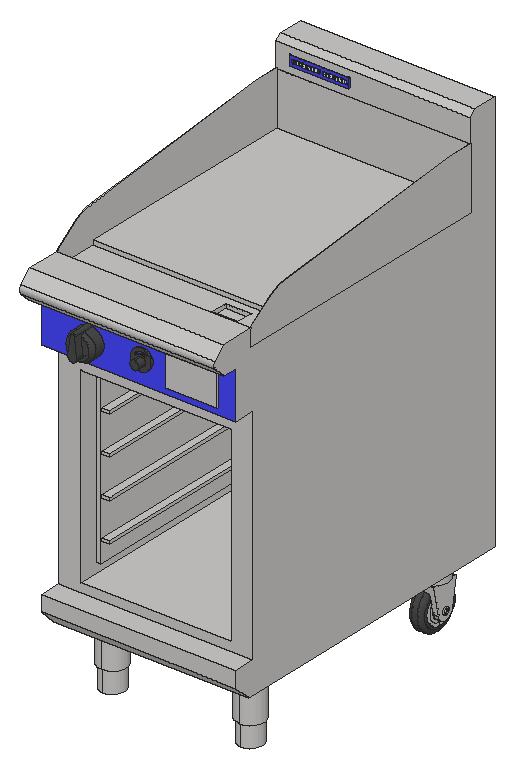
Revit family "QF_MOFFAT_BLUESEAL_CE_GP513-CB", category Specialty Equipment, Revit 2012
Parameters
  Weight in Pounds = 198  # constant formula
  Width [instance] = 450.00 mm
  URL Cutsheet = "www.moffat.com"
  URL = "www.moffat.com"
  Type Mark [instance] = ""
  Status [instance] = ""
  Specification by User [instance] = ""
  Specification by Manufacturer = ""
  Show Logo [instance] = yes
  Show Casters [instance] = yes
  Serial Number = ""
  Seismic Rating = ""
  SMACNA No = ""
  Revision Code [instance] = ""
  Omniclass Number and Title = ""
  NAFEM Spec ID Number = ""
  Model = "GP513-CB"
  Mechanical Remarks = ""
  Mechanical Connection Type = ""
  Masterspec = ""
  Manufacturer = "MOFFAT BLUESEAL"
  Legs [instance] = not(Show Casters)  # no
  Item Number [instance] = ""
  Installed By [instance] = ""
  Identify Quantity as Lot [instance] = yes
  Height = 1085.00 mm  # constant formula
  Gas Size = 3/4"
  Gas RI Height [instance] = 0.00 mm
  Gas KW = 11.5
  Gas Input = 39250.0 Btu/h
  Gas Connection Height = 0.00 mm
  Furnished By [instance] = ""
  Foodservice Equipment Identifier [instance] = yes
  Description = "450MM GAS GRIDDLE PLATE ON CABINET BASE"
  Depth [instance] = 812.00 mm  # constant formula
  CSI MasterFormat = ""
  CSI Master Format = ""
  Back Splash [instance] = 215.00 mm  # constant formula
Reference planes
  plane 1 "BACK": y = 0
  plane 2: z = 0
  plane 3 "LEFT": x = 0
  plane 4 "RIGHT": x = 450
  plane 5 "FRONT": y = -812
  plane 6 "TOP": z = 970
  plane 7 "Center Y": x = 225
  plane 8 "Center X": y = -406
  plane 9 "Base Height": z = 150
  plane 10: z = 915
  plane 11: x = 65
  plane 12: y = -625
  plane 13: y = -100
  plane 14: z = 655
  plane 15: y = -32
  plane 16: z = 1085
  plane 17: x = 385
Forms (mm)
  Extrusion 1, solid, material "QF_Finishes_Stainless Steel"
    sketch origin (0, 0, 0) x (0, 1, 0) y (0, 0, 1)
      loop
        line (-100, 150) -> (0, 150) -> (0, 1085) -> (-57.5, 1085) -> (-70, 1072.5) -> (-70, 875) -> (-705, 875) -> (-705, 915) -> (-783.97, 915) -> (-808.485, 890.485)
        arc (-808.485, 890.485) -> (-811.999, 882) -> (-808.485, 873.515) r 12
        line (-808.485, 873.515) -> (-784.97, 850) -> (-749, 850) -> (-749, 740) -> (-100, 740) -> (-100, 150)
      loop
        line (-749, 186) -> (-713, 150) -> (-699, 150) -> (-699, 222.5) -> (-749, 222.5) -> (-749, 186)
    from 0 to 450
  Revolve 2, solid, material "QF_Finishes_Stainless Steel", visible <- "Legs"
    sketch origin (383.871, -210, 0) x (0, 1, 0) y (0, 0, -1)
      loop
        line (78.25, -150) -> (110, -150) -> (110, 0) -> (82.5, 0) -> (82.5, -50) -> (78.25, -50) -> (78.25, -150)
      axis (110, -150) -> (110, 0)
    angle from 0 to 360
  Revolve 3, solid, material "QF_Finishes_Stainless Steel"
    sketch origin (385, -735, 0) x (0, 1, 0) y (0, 0, -1)
      loop
        line (78.25, -150) -> (110, -150) -> (110, 0) -> (82.5, 0) -> (82.5, -50) -> (78.25, -50) -> (78.25, -150)
      axis (110, -150) -> (110, 0)
    angle from 0 to 360
  Revolve 4, solid, material "QF_Finishes_Stainless Steel", visible <- "Legs"
    sketch origin (65, -210, 0) x (0, 1, 0) y (0, 0, -1)
      loop
        line (78.25, -150) -> (110, -150) -> (110, 0) -> (82.5, 0) -> (82.5, -50) -> (78.25, -50) -> (78.25, -150)
      axis (110, -150) -> (110, 0)
    angle from 0 to 360
  Revolve 5, solid, material "QF_Finishes_Stainless Steel"
    sketch origin (65, -735, 0) x (0, 1, 0) y (0, 0, -1)
      loop
        line (78.25, -150) -> (110, -150) -> (110, 0) -> (82.5, 0) -> (82.5, -50) -> (78.25, -50) -> (78.25, -150)
      axis (110, -150) -> (110, 0)
    angle from 0 to 360
  Revolve 6, solid, material "QF_Finishes_Black"
    sketch origin (118.927, 7, 597.816) x (0, 1, 0) y (0, 0, -1)
      loop
        line (-789, -229.5) -> (-766, -229.5) -> (-766, -202) -> (-756, -202) -> (-756, -197) -> (-800, -197) -> (-800, -223.651) -> (-789, -229.5)
      axis (-800, -197) -> (-756, -197)
    angle from 0 to 360
  Extrusion 7, solid, material "QF_Finishes_Black"
    sketch origin (257.197, 0, 597.973) x (-1, 0, 0) y (0, 0, -1)
      loop
        line (143.2, -228.94) -> (148.689, -184.854)
        arc (148.689, -184.854) -> (137.617, -174.355) -> (127.782, -186.021) r 10.487
        line (127.782, -186.021) -> (133.203, -228.94)
        arc (133.203, -228.94) -> (138.201, -233.827) -> (143.2, -228.94) r 5
    from 759 to 808
  Extrusion 8, solid, material "QF_Finishes_Stainless Steel"
    sketch origin (-150, -699, 685) x (1, 0, 0) y (0, -1, 0)
      loop
        circle (470, -668) r 9.525
    from -55 to 30
  Extrusion 9, solid, material "QF_Finishes_Stainless Steel"
    sketch origin (0, -100, 685) x (0, 0, 1) y (-1, 0, 0)
      loop
        line (-535, 0) -> (-535, -450) -> (55, -450) -> (55, 0) -> (-535, 0)
      loop
        line (0, -50) -> (-442.5, -50) -> (-442.5, -400) -> (0, -400) -> (0, -50)
    from 0 to 599
  Extrusion 10, solid, material "QF_Finishes_Stainless Steel"
    sketch origin (0, -100, 685) x (0, 0, 1) y (-1, 0, 0)
      loop
        line (-280.675, -61.8) -> (-280.675, -80.8) -> (-274.325, -80.8) -> (-274.325, -61.8) -> (-280.675, -61.8)
      loop
        line (-184.325, -80.8) -> (-184.325, -61.8) -> (-190.675, -61.8) -> (-190.675, -80.8) -> (-184.325, -80.8)
      loop
        line (-370.675, -61.8) -> (-370.675, -80.8) -> (-364.325, -80.8) -> (-364.325, -61.8) -> (-370.675, -61.8)
      loop
        line (-94.325, -80.8) -> (-94.325, -61.8) -> (-100.675, -61.8) -> (-100.675, -80.8) -> (-94.325, -80.8)
      loop
        line (-280.675, -388.2) -> (-274.325, -388.2) -> (-274.325, -369.2) -> (-280.675, -369.2) -> (-280.675, -388.2)
      loop
        line (-184.325, -369.2) -> (-190.675, -369.2) -> (-190.675, -388.2) -> (-184.325, -388.2) -> (-184.325, -369.2)
      loop
        line (-370.675, -388.2) -> (-364.325, -388.2) -> (-364.325, -369.2) -> (-370.675, -369.2) -> (-370.675, -388.2)
      loop
        line (-94.325, -369.2) -> (-100.675, -369.2) -> (-100.675, -388.2) -> (-94.325, -388.2) -> (-94.325, -369.2)
    from 0 to 554
  Extrusion 11, void
    sketch origin (-150, 0, 150) x (-1, 0, 0) y (0, -1, 0)
      loop
        line (-535.614, 87.26) -> (-535.614, -30.24) -> (-406.114, -30.24) -> (-406.114, 38.76) -> (-454.614, 87.26) -> (-535.614, 87.26)
    from 72.5 to 590
  Revolve 12, solid, material "QF_Finishes_Stainless Steel", visible <- "Legs"
    sketch origin (65, -165, 0) x (0, 1, 0) y (0, 0, 1)
      loop
        line (34.25, 150) -> (34.25, 50) -> (38.5, 50) -> (38.5, 0) -> (66, 0) -> (66, 150) -> (34.25, 150)
      axis (66, 150) -> (66, 0)
    angle from 0 to 360
  Revolve 13, solid, material "QF_Finishes_Stainless Steel", visible <- "Legs"
    sketch origin (384.871, -165, 0) x (0, 1, 0) y (0, 0, -1)
      loop
        line (34.25, -150) -> (66, -150) -> (66, 0) -> (38.5, 0) -> (38.5, -50) -> (34.25, -50) -> (34.25, -150)
      axis (66, -150) -> (66, 0)
    angle from 0 to 360
  Revolve 14, solid, material "QF_Finishes_Stainless Steel", visible <- "Show Casters"
    sketch origin (15.776, -99.755, -13.653) x (1, 0, 0) y (0, 0, 1)
      loop
        line (14.841, 63.604) -> (83.584, 63.604) -> (83.584, 67.109) -> (82.314, 68.379) -> (80.79, 68.379) -> (80.79, 71.826) -> (68.644, 71.826) -> (68.644, 81.79) -> (65.088, 83.843) -> (63.738, 92.179) -> (65.881, 92.179) -> (65.881, 98.529) -> (65.088, 98.529) -> (65.088, 104.879)
        arc (65.088, 104.879) -> (62.298, 111.614) -> (55.563, 114.404) r 9.525
        line (55.563, 114.404) -> (42.863, 114.404)
        arc (42.863, 114.404) -> (36.127, 111.614) -> (33.338, 104.879) r 9.525
        line (33.338, 104.879) -> (33.338, 98.529) -> (32.544, 98.529) -> (32.544, 92.179) -> (34.687, 92.179) -> (33.352, 83.932) -> (29.782, 81.871) -> (29.782, 71.826) -> (17.635, 71.826) -> (17.635, 68.379) -> (16.111, 68.379) -> (14.841, 67.109) -> (14.841, 63.604)
      axis (14.841, 63.604) -> (83.584, 63.604)
    angle from 0 to 360
  Extrusion 15, solid, material "QF_Finishes_Stainless Steel", visible <- "Show Casters"
    sketch origin (71.501, 133.353, -8.783) x (0, 1, 0) y (0, 0, 1)
      loop
        line (-200.603, 118.783) -> (-264.103, 118.783) -> (-251.746, 53.895)
        arc (-251.746, 53.895) -> (-232.353, 38.783) -> (-212.959, 53.895) r 20
        line (-212.959, 53.895) -> (-200.603, 118.783)
    from -35.667 to 22.923
  Revolve 16, solid, material "QF_Finishes_Stainless Steel", visible <- "Show Casters"
    sketch origin (65, -203, 0) x (0, 1, 0) y (0, 0, 1)
      loop
        line (68.25, 150) -> (68.25, 110) -> (104, 110) -> (104, 150) -> (68.25, 150)
      axis (104, 150) -> (104, 110)
    angle from 0 to 360
  Revolve 17, solid, material "QF_Finishes_Stainless Steel", visible <- "Legs"
    sketch origin (65, -165, 0) x (0, 1, 0) y (0, 0, 1)
      loop
        line (34.25, 150) -> (34.25, 50) -> (38.5, 50) -> (38.5, 0) -> (66, 0) -> (66, 150) -> (34.25, 150)
      axis (66, 150) -> (66, 0)
    angle from 0 to 360
  Revolve 18, solid, material "QF_Finishes_Stainless Steel", visible <- "Show Casters"
    sketch origin (335.648, -99.755, -13.653) x (1, 0, 0) y (0, 0, 1)
      loop
        line (14.841, 63.604) -> (83.584, 63.604) -> (83.584, 67.109) -> (82.314, 68.379) -> (80.79, 68.379) -> (80.79, 71.826) -> (68.644, 71.826) -> (68.644, 81.79) -> (65.088, 83.843) -> (63.738, 92.179) -> (65.881, 92.179) -> (65.881, 98.529) -> (65.088, 98.529) -> (65.088, 104.879)
        arc (65.088, 104.879) -> (62.298, 111.614) -> (55.563, 114.404) r 9.525
        line (55.563, 114.404) -> (42.863, 114.404)
        arc (42.863, 114.404) -> (36.127, 111.614) -> (33.338, 104.879) r 9.525
        line (33.338, 104.879) -> (33.338, 98.529) -> (32.544, 98.529) -> (32.544, 92.179) -> (34.687, 92.179) -> (33.352, 83.932) -> (29.782, 81.871) -> (29.782, 71.826) -> (17.635, 71.826) -> (17.635, 68.379) -> (16.111, 68.379) -> (14.841, 67.109) -> (14.841, 63.604)
      axis (83.584, 63.604) -> (14.841, 63.604)
    angle from 0 to 360
  Extrusion 19, solid, material "QF_Finishes_Stainless Steel", visible <- "Show Casters"
    sketch origin (391.372, 133.353, -8.783) x (0, 1, 0) y (0, 0, 1)
      loop
        line (-200.603, 118.783) -> (-264.103, 118.783) -> (-251.746, 53.895)
        arc (-251.746, 53.895) -> (-232.353, 38.783) -> (-212.959, 53.895) r 20
        line (-212.959, 53.895) -> (-200.603, 118.783)
    from -35.667 to 22.923
  Revolve 20, solid, material "QF_Finishes_Stainless Steel", visible <- "Show Casters"
    sketch origin (384.871, -203, 0) x (0, 1, 0) y (0, 0, 1)
      loop
        line (68.25, 150) -> (68.25, 110) -> (104, 110) -> (104, 150) -> (68.25, 150)
      axis (104, 150) -> (104, 110)
    angle from 0 to 360
  Extrusion 21, solid, material "QF_Finishes_Stainless Steel"
    sketch origin (0, 0, 0) x (1, 0, 0) y (0, 0, 1)
      loop
        line (61.8, 657.5) -> (50, 657.5) -> (50, 267.5) -> (61.8, 267.5) -> (61.8, 657.5)
      loop
        line (388.2, 657.5) -> (388.2, 267.5) -> (400, 267.5) -> (400, 657.5) -> (388.2, 657.5)
    from 0 to 654
  Extrusion 22, solid, material "QF_Finishes_Black"
    sketch origin (-1.25, -749, 864.021) x (0, 0, -1) y (1, 0, 0)
      loop
        circle (70, 235) r 24
      loop
        arc (60.1, 249.913) -> (52.064, 235.125) -> (59.882, 220.219) r 17.868
        arc (59.882, 220.219) -> (60.362, 219.934) -> (60.877, 220.149) r 0.621
        arc (60.877, 220.149) -> (62.314, 222.708) -> (62.658, 225.622) r 7.495
        arc (62.658, 225.622) -> (62.454, 226.55) -> (62.006, 227.388) r 3.472
        arc (62.006, 227.388) -> (59.714, 234.851) -> (61.844, 242.362) r 13.786
        arc (61.844, 242.362) -> (62.484, 243.632) -> (62.749, 245.028) r 5.101
        arc (62.749, 245.028) -> (62.378, 247.547) -> (61.084, 249.739) r 6.611
        arc (61.084, 249.739) -> (60.622, 249.997) -> (60.1, 249.913) r 0.806
    from 0 to 5
  Extrusion 23, solid, material "QF_Finishes_Black"
    sketch origin (-1.25, -754, 864.021) x (0, 0, -1) y (1, 0, 0)
      loop
        circle (73.5, 235) r 10
    from 0 to 18.251
  Extrusion 24, solid, material "QF_Finishes_Stainless Steel"
    sketch origin (450, -749, 867.771) x (0, 0, -1) y (1, 0, 0)
      loop
        line (26.5, -161) -> (113.5, -161) -> (113.5, -42) -> (26.5, -42) -> (26.5, -161)
    from 0 to 2.5
  Extrusion 25, solid, material "QF_Finishes_Stainless Steel"
    sketch origin (450, 0, 1.771) x (0, -1, 0) y (0, 0, 1)
      loop
        line (751.5, 839.5) -> (751.5, 837) -> (769.695, 837) -> (769.695, 839.5) -> (751.5, 839.5)
    from 42 to 161
Cuts and joins
  Extrusion 11 cuts Extrusion 1
  joined: Extrusion 1, Extrusion 9
Lines and regions (mm)
  Split face 1
    outline origin (450, 0, 1085) x (-1, 0, 0) y (0, -1, 0)
      loop
        arc (406, 18.385) -> (414.66, 23.385) -> (414.66, 33.385) r 10
        line (414.66, 33.385) -> (410.619, 40.385)
        arc (410.619, 40.385) -> (406.959, 44.045) -> (401.959, 45.385) r 10
        line (401.959, 45.385) -> (45.34, 45.385)
        arc (45.34, 45.385) -> (36.679, 40.385) -> (36.679, 30.385) r 10
        line (36.679, 30.385) -> (40.721, 23.385)
        arc (40.721, 23.385) -> (44.381, 19.725) -> (49.381, 18.385) r 10
        line (49.381, 18.385) -> (406, 18.385)
  symbolic lines
    curve 1: line (0, 0, 0) -> (0, -812, 0)
    curve 2: line (450, 0, 0) -> (0, 0, 0)
    curve 3: line (450, -812, 0) -> (450, 0, 0)
    curve 4: line (0, -812, 0) -> (450, -812, 0)
    curve 9: line (0, -57.5, 150) -> (450, -57.5, 150)
    curve 10: line (0, -70, 150) -> (450, -70, 150)
    curve 11: line (0, -783.97, 150) -> (450, -783.97, 150)
    curve 12: line (400.619, -18.385, 150) -> (44, -18.385, 150)
    curve 13: arc (44, -18.385, 150) -> (35.34, -23.385, 150) -> (35.34, -33.385, 150) r 10
    curve 14: line (35.34, -33.385, 150) -> (39.381, -40.385, 150)
    curve 15: arc (39.381, -40.385, 150) -> (43.041, -44.045, 150) -> (48.041, -45.385, 150) r 10
    curve 16: line (48.041, -45.385, 150) -> (404.66, -45.385, 150)
    curve 17: arc (404.66, -45.385, 150) -> (413.321, -40.385, 150) -> (413.321, -30.385, 150) r 10
    curve 18: line (413.321, -30.385, 150) -> (409.279, -23.385, 150)
    curve 19: arc (409.279, -23.385, 150) -> (405.619, -19.725, 150) -> (400.619, -18.385, 150) r 10
  symbolic lines, style "SpecialityEquipmentHiddenLines", visible <- "Show Casters"
    curve 5: line (78.456, -46.735, 0) -> (105.952, -62.61, 0)
    curve 6: line (27.656, -134.723, 0) -> (78.456, -46.735, 0)
    curve 7: line (55.152, -150.598, 0) -> (27.656, -134.723, 0)
    curve 8: line (105.952, -62.61, 0) -> (55.152, -150.598, 0)
Dimensions and locks
  equal spacing: plane 3 "LEFT", plane 7 "Center Y", plane 4 "RIGHT"
  "Width": plane 3 "LEFT" to plane 4 "RIGHT"
  equal spacing: plane 5 "FRONT", plane 8 "Center X", plane 1 "BACK"
  "Depth": plane 5 "FRONT" to plane 1 "BACK"
  locked: plane 10 to level at 915
  locked: plane 9 "Base Height" to level at 150
  plane 6 "TOP" to plane 10 = 55.00 mm
  plane 12 to plane 13 = 525.00 mm
  plane 14 to level = 655.00 mm
  plane 15 to plane 1 "BACK" = 32.00 mm
  "Height": plane 16 to plane 2
  Revolve 14 sketch curve to Revolve 14 sketch curve = 50.80 mm
  Revolve 18 sketch curve to Revolve 18 sketch curve = 50.80 mm
  Extrusion 8 sketch curve to plane 1 "BACK" = 31.00 mm
  aligned and locked: level to plane 2
Automatic sketch dimensions
  Extrusion 1 sketch curve to plane 10 = 0.00 mm
  Extrusion 1 sketch curve to plane 9 "Base Height" = 0.00 mm  (x2)
  Extrusion 1 sketch curve to plane 13 = 0.00 mm
  Extrusion 1 sketch curve to plane 16 = 0.00 mm
  Extrusion 1 sketch curve to plane 1 "BACK" = 0.00 mm
  Extrusion 1 sketch curve to plane 12 = 74.00 mm
  Extrusion 1 sketch curve to plane 10 = 40.00 mm
  Extrusion 1 sketch curve to plane 12 = 80.00 mm
  Extrusion 1 sketch curve to Extrusion 1 sketch curve = 14.00 mm
  Extrusion 1 sketch curve to Extrusion 1 sketch curve = 36.00 mm
  Extrusion 1 sketch curve to plane 5 "FRONT" = 63.00 mm
  Extrusion 1 sketch curve to plane 5 "FRONT" = 28.03 mm
  Extrusion 1 sketch curve to plane 5 "FRONT" = 27.03 mm
  Extrusion 1 sketch curve to plane 5 "FRONT" = 12.001 mm
  Extrusion 1 sketch curve to plane 5 "FRONT" = 3.515 mm  (x2)
  plane 13 to Extrusion 1 sketch curve = 30.00 mm
  Extrusion 1 sketch curve to Extrusion 1 sketch curve = 12.50 mm
  plane 9 "Base Height" to Extrusion 1 sketch curve = 36.00 mm
  Extrusion 1 sketch curve to Extrusion 1 sketch curve = 36.50 mm
  plane 14 to Extrusion 1 sketch curve = 85.00 mm
  Extrusion 1 sketch curve to Extrusion 1 sketch curve = 25.00 mm
  Extrusion 1 sketch curve to Extrusion 1 sketch curve = 23.515 mm
  Extrusion 1 sketch curve to Extrusion 1 sketch curve = 8.485 mm
  Extrusion 1 sketch curve to plane 16 = 12.50 mm
  Revolve 2 sketch curve to plane 9 "Base Height" = 0.00 mm
  Revolve 2 sketch curve to level = 0.00 mm
  Revolve 2 sketch curve to plane 13 = 0.00 mm  (x2)
  Revolve 2 sketch curve to plane 13 = 27.50 mm
  Revolve 2 sketch curve to plane 13 = 31.75 mm
  level to Revolve 2 sketch curve = 50.00 mm
  Revolve 2 sketch curve to Revolve 2 sketch curve = 0.00 mm
  Revolve 2 sketch curve to Revolve 2 sketch curve = 55.00 mm
  Revolve 3 sketch curve to plane 9 "Base Height" = 0.00 mm
  Revolve 3 sketch curve to level = 0.00 mm
  Revolve 3 sketch curve to plane 12 = 0.00 mm  (x2)
  Revolve 3 sketch curve to plane 12 = 27.50 mm
  Revolve 3 sketch curve to plane 12 = 31.75 mm
  level to Revolve 3 sketch curve = 50.00 mm
  Revolve 3 sketch curve to Revolve 3 sketch curve = 0.00 mm
  Revolve 3 sketch curve to Revolve 3 sketch curve = 55.00 mm
  Revolve 4 sketch curve to plane 9 "Base Height" = 0.00 mm
  Revolve 4 sketch curve to level = 0.00 mm
  Revolve 4 sketch curve to plane 13 = 0.00 mm  (x2)
  Revolve 4 sketch curve to plane 13 = 27.50 mm
  Revolve 4 sketch curve to plane 13 = 31.75 mm
  level to Revolve 4 sketch curve = 50.00 mm
  Revolve 4 sketch curve to Revolve 4 sketch curve = 0.00 mm
  Revolve 4 sketch curve to Revolve 4 sketch curve = 55.00 mm
  Revolve 5 sketch curve to plane 9 "Base Height" = 0.00 mm
  Revolve 5 sketch curve to level = 0.00 mm
  Revolve 5 sketch curve to plane 12 = 0.00 mm  (x2)
  Revolve 5 sketch curve to plane 12 = 27.50 mm
  Revolve 5 sketch curve to plane 12 = 31.75 mm
  level to Revolve 5 sketch curve = 50.00 mm
  Revolve 5 sketch curve to Revolve 5 sketch curve = 0.00 mm
  Revolve 5 sketch curve to Revolve 5 sketch curve = 55.00 mm
  Revolve 6 sketch curve to plane 5 "FRONT" = 19.00 mm
  Revolve 6 sketch curve to Revolve 6 sketch curve = 0.00 mm  (x2)
  Revolve 6 sketch curve to Revolve 6 sketch curve = 11.00 mm
  Revolve 6 sketch curve to Revolve 6 sketch curve = 12.70 mm
  Revolve 6 sketch curve to Revolve 6 sketch curve = 23.00 mm
  Revolve 6 sketch curve to Revolve 6 sketch curve = 10.00 mm
  Revolve 6 sketch curve to plane 10 = 87.684 mm
  Revolve 6 sketch curve to Revolve 6 sketch curve = 5.849 mm
  Revolve 6 sketch curve to Revolve 6 sketch curve = 27.50 mm
  Revolve 6 sketch curve to Revolve 6 sketch curve = 5.00 mm
  plane 11 to Extrusion 7 sketch curve = 64.415 mm
  Extrusion 7 sketch curve to Extrusion 7 sketch curve = 5.421 mm
  Extrusion 7 sketch curve to Extrusion 7 sketch curve = 4.999 mm  (x2)
  Extrusion 7 sketch curve to Extrusion 7 sketch curve = 10.419 mm
  Extrusion 7 sketch curve to Extrusion 7 sketch curve = 10.487 mm
  Extrusion 7 sketch curve to plane 10 = 88.087 mm
  Extrusion 7 sketch curve to Extrusion 7 sketch curve = 0.113 mm
  Extrusion 7 sketch curve to Extrusion 7 sketch curve = 42.919 mm
  Extrusion 7 sketch curve to Extrusion 7 sketch curve = 1.167 mm
  Extrusion 11 sketch curve to plane 15 = 6.76 mm
  Extrusion 11 sketch curve to plane 1 "BACK" = 30.24 mm
  plane 13 to Extrusion 11 sketch curve = 12.74 mm
  Revolve 12 sketch curve to plane 9 "Base Height" = 0.00 mm
  Revolve 12 sketch curve to level = 0.00 mm
  Revolve 12 sketch curve to plane 13 = 30.75 mm
  Revolve 12 sketch curve to plane 13 = 26.50 mm
  plane 13 to Revolve 12 sketch curve = 1.00 mm  (x2)
  Revolve 12 sketch curve to Revolve 12 sketch curve = 55.00 mm
  level to Revolve 12 sketch curve = 50.00 mm
  Revolve 12 sketch curve to Revolve 12 sketch curve = 0.00 mm
  Revolve 13 sketch curve to plane 9 "Base Height" = 0.00 mm
  Revolve 13 sketch curve to level = 0.00 mm
  Revolve 13 sketch curve to plane 13 = 30.75 mm
  Revolve 13 sketch curve to plane 13 = 26.50 mm
  plane 13 to Revolve 13 sketch curve = 1.00 mm  (x2)
  level to Revolve 13 sketch curve = 50.00 mm
  Revolve 13 sketch curve to Revolve 13 sketch curve = 0.00 mm
  Revolve 13 sketch curve to Revolve 13 sketch curve = 55.00 mm
  plane 3 "LEFT" to Revolve 14 sketch curve = 30.618 mm
  Revolve 14 sketch curve to Revolve 14 sketch curve = 1.27 mm  (x4)
  Revolve 14 sketch curve to Revolve 14 sketch curve = 1.524 mm  (x2)
  Revolve 14 sketch curve to Revolve 14 sketch curve = 12.146 mm  (x2)
  Revolve 14 sketch curve to plane 11 = 16.68 mm
  Revolve 14 sketch curve to Revolve 14 sketch curve = 0.794 mm  (x2)
  Revolve 14 sketch curve to Revolve 14 sketch curve = 3.57 mm
  Revolve 14 sketch curve to Revolve 14 sketch curve = 2.143 mm
  Revolve 14 sketch curve to plane 11 = 6.361 mm
  plane 11 to Revolve 14 sketch curve = 5.13 mm
  plane 11 to Revolve 14 sketch curve = 6.339 mm
  plane 11 to Revolve 14 sketch curve = 14.515 mm
  Revolve 14 sketch curve to Revolve 14 sketch curve = 1.349 mm  (x2)
  Revolve 14 sketch curve to Revolve 14 sketch curve = 3.556 mm
  Revolve 14 sketch curve to Revolve 14 sketch curve = 33.32 mm
  level to Revolve 14 sketch curve = 49.952 mm
  Revolve 14 sketch curve to Revolve 14 sketch curve = 0.00 mm
  Revolve 14 sketch curve to Revolve 14 sketch curve = 3.505 mm  (x2)
  Revolve 14 sketch curve to Revolve 14 sketch curve = 3.447 mm  (x2)
  Revolve 14 sketch curve to Revolve 14 sketch curve = 9.964 mm
  Revolve 14 sketch curve to Revolve 14 sketch curve = 10.045 mm
  Revolve 14 sketch curve to Revolve 14 sketch curve = 2.053 mm
  Revolve 14 sketch curve to Revolve 14 sketch curve = 2.061 mm
  Revolve 14 sketch curve to Revolve 14 sketch curve = 8.247 mm
  Revolve 14 sketch curve to Revolve 14 sketch curve = 8.336 mm
  Revolve 14 sketch curve to Revolve 14 sketch curve = 6.35 mm  (x2)
  Extrusion 15 sketch curve to plane 13 = 30.75 mm
  Extrusion 15 sketch curve to plane 13 = 18.393 mm
  plane 13 to Extrusion 15 sketch curve = 1.00 mm
  Extrusion 15 sketch curve to Extrusion 15 sketch curve = 19.393 mm
  plane 13 to Extrusion 15 sketch curve = 32.75 mm
  level to Extrusion 15 sketch curve = 45.111 mm
  Extrusion 15 sketch curve to Extrusion 15 sketch curve = 4.889 mm
  Extrusion 15 sketch curve to plane 9 "Base Height" = 40.00 mm
  Revolve 16 sketch curve to plane 9 "Base Height" = 0.00 mm
  Revolve 16 sketch curve to plane 13 = 34.75 mm
  plane 13 to Revolve 16 sketch curve = 1.00 mm  (x2)
  Revolve 16 sketch curve to plane 9 "Base Height" = 40.00 mm
  level to Revolve 16 sketch curve = 50.00 mm
  Revolve 16 sketch curve to level = 55.00 mm
  Revolve 17 sketch curve to plane 9 "Base Height" = 0.00 mm
  Revolve 17 sketch curve to level = 0.00 mm
  Revolve 17 sketch curve to plane 13 = 30.75 mm
  Revolve 17 sketch curve to plane 13 = 26.50 mm
  plane 13 to Revolve 17 sketch curve = 1.00 mm  (x2)
  Revolve 17 sketch curve to Revolve 17 sketch curve = 55.00 mm
  level to Revolve 17 sketch curve = 50.00 mm
  Revolve 17 sketch curve to Revolve 17 sketch curve = 0.00 mm
  Revolve 18 sketch curve to Revolve 18 sketch curve = 1.27 mm  (x4)
  Revolve 18 sketch curve to Revolve 18 sketch curve = 1.524 mm  (x2)
  Revolve 18 sketch curve to Revolve 18 sketch curve = 12.146 mm  (x2)
  Revolve 18 sketch curve to Revolve 18 sketch curve = 0.794 mm  (x2)
  Revolve 18 sketch curve to Revolve 18 sketch curve = 3.57 mm
  Revolve 18 sketch curve to Revolve 18 sketch curve = 2.143 mm
  Revolve 18 sketch curve to Revolve 18 sketch curve = 8.176 mm
  Revolve 18 sketch curve to Revolve 18 sketch curve = 1.349 mm  (x2)
  Revolve 18 sketch curve to Revolve 18 sketch curve = 3.556 mm
  plane 4 "RIGHT" to Revolve 18 sketch curve = 147.449 mm
  level to Revolve 18 sketch curve = 49.952 mm
  Revolve 18 sketch curve to Revolve 18 sketch curve = 0.00 mm
  Revolve 18 sketch curve to Revolve 18 sketch curve = 3.505 mm  (x2)
  Revolve 18 sketch curve to Revolve 18 sketch curve = 3.447 mm  (x2)
  Revolve 18 sketch curve to Revolve 18 sketch curve = 9.964 mm
  Revolve 18 sketch curve to Revolve 18 sketch curve = 10.045 mm
  Revolve 18 sketch curve to Revolve 18 sketch curve = 2.053 mm
  Revolve 18 sketch curve to Revolve 18 sketch curve = 2.061 mm
  Revolve 18 sketch curve to Revolve 18 sketch curve = 8.247 mm
  Revolve 18 sketch curve to Revolve 18 sketch curve = 8.336 mm
  Revolve 18 sketch curve to Revolve 18 sketch curve = 6.35 mm  (x2)
  Extrusion 19 sketch curve to plane 13 = 30.75 mm
  Extrusion 19 sketch curve to plane 13 = 18.393 mm
  plane 13 to Extrusion 19 sketch curve = 1.00 mm
  Extrusion 19 sketch curve to Extrusion 19 sketch curve = 19.393 mm
  plane 13 to Extrusion 19 sketch curve = 32.75 mm
  level to Extrusion 19 sketch curve = 45.111 mm
  Extrusion 19 sketch curve to Extrusion 19 sketch curve = 4.889 mm
  Extrusion 19 sketch curve to plane 9 "Base Height" = 40.00 mm
  Revolve 20 sketch curve to plane 9 "Base Height" = 0.00 mm
  Revolve 20 sketch curve to plane 13 = 34.75 mm
  plane 13 to Revolve 20 sketch curve = 1.00 mm  (x2)
  Revolve 20 sketch curve to plane 9 "Base Height" = 40.00 mm
  level to Revolve 20 sketch curve = 50.00 mm
  Revolve 20 sketch curve to level = 55.00 mm
  Split face 1 sketch curve to cut or joined group of Extrusion 1, Extrusion 9, Extrusion 11 = 27.115 mm
  Split face 1 sketch curve to cut or joined group of Extrusion 1, Extrusion 9, Extrusion 11 = 413.321 mm
  Split face 1 sketch curve to Split face 1 sketch curve = 4.041 mm  (x4)
  Split face 1 sketch curve to Split face 1 sketch curve = 8.66 mm  (x2)
  Split face 1 sketch curve to cut or joined group of Extrusion 1, Extrusion 9, Extrusion 11 = 12.115 mm
  Split face 1 sketch curve to cut or joined group of Extrusion 1, Extrusion 9, Extrusion 11 = 48.041 mm
  Split face 1 sketch curve to Split face 1 sketch curve = 7.00 mm  (x3)
  Split face 1 sketch curve to Split face 1 sketch curve = 17.00 mm
  curve 9 to plane 4 "RIGHT" = 0.00 mm
  curve 10 to plane 4 "RIGHT" = 0.00 mm
  curve 11 to plane 4 "RIGHT" = 0.00 mm
  curve 10 to plane 3 "LEFT" = 0.00 mm
  curve 9 to plane 3 "LEFT" = 0.00 mm
  curve 11 to plane 3 "LEFT" = 0.00 mm
  plane 15 to curve 18 = 1.615 mm
  plane 7 "Center Y" to curve 18 = 188.321 mm
  plane 15 to curve 18 = 8.615 mm
  curve 18 to curve 18 = 4.041 mm
  curve 17 to plane 15 = 3.385 mm
  curve 18 to curve 17 = 8.66 mm
  curve 18 to curve 12 = 8.66 mm
  curve 15 to plane 15 = 3.385 mm
  curve 15 to plane 11 = 16.959 mm
  curve 15 to curve 13 = 4.041 mm
  curve 15 to plane 15 = 8.385 mm
  curve 14 to plane 15 = 1.385 mm
  curve 14 to curve 14 = 4.041 mm
  curve 12 to curve 18 = 5.00 mm
  curve 9 to plane 15 = 25.50 mm
  curve 9 to curve 10 = 12.50 mm
  curve 11 to plane 5 "FRONT" = 28.03 mm
  Revolve 18 sketch curve to Revolve 18 sketch curve = 0.808 mm
  Revolve 18 sketch curve to Revolve 18 sketch curve = 9.525 mm
  Revolve 18 sketch curve to Revolve 18 sketch curve = 24.572 mm
  Revolve 18 sketch curve to Revolve 18 sketch curve = 12.70 mm
  curve 1 to plane 3 "LEFT" = 0.00 mm
  plane 1 "BACK" to curve 2 = 0.00 mm
  curve 2 to plane 4 "RIGHT" = 0.00 mm
  plane 5 "FRONT" to curve 1 = 0.00 mm
  plane 3 "LEFT" to curve 6 = 27.656 mm
  curve 7 to plane 11 = 9.848 mm
  plane 11 to curve 6 = 13.456 mm
  curve 8 to plane 13 = 50.598 mm
  curve 7 to curve 6 = 15.875 mm
  plane 4 "RIGHT" to Extrusion 8 sketch curve = 130.00 mm
  plane 4 "RIGHT" to Extrusion 11 sketch curve = 64.386 mm
  plane 7 "Center Y" to Extrusion 11 sketch curve = 79.614 mm
  plane 7 "Center Y" to Extrusion 11 sketch curve = 31.114 mm
  Revolve 18 sketch curve to Revolve 18 sketch curve = 47.937 mm
  Extrusion 1 to Extrusion 9 sketch curve = 0.00 mm
  Extrusion 9 sketch curve to Extrusion 1 = 0.00 mm  (x3)
  Extrusion 1 to Extrusion 9 sketch curve = 92.50 mm
  Extrusion 1 to Extrusion 9 sketch curve = 55.00 mm
  Extrusion 1 to Extrusion 9 sketch curve = 50.00 mm  (x2)
  plane 14 to Extrusion 21 sketch curve = 2.50 mm  (x2)
  Extrusion 21 sketch curve to plane 11 = 15.00 mm
  Extrusion 21 sketch curve to plane 11 = 3.20 mm
  Extrusion 21 sketch curve to plane 17 = 3.20 mm
  Extrusion 21 sketch curve to Extrusion 21 sketch curve = 11.80 mm
  plane 9 "Base Height" to Extrusion 21 sketch curve = 117.50 mm  (x2)
  Extrusion 1 to Extrusion 10 sketch curve = 61.80 mm  (x5)
  Extrusion 1 to Extrusion 10 sketch curve = 164.325 mm  (x2)
  Extrusion 10 sketch curve to Extrusion 10 sketch curve = 6.35 mm  (x8)
  Extrusion 10 sketch curve to Extrusion 10 sketch curve = 83.65 mm  (x6)
  Extrusion 10 sketch curve to Extrusion 10 sketch curve = 19.00 mm  (x8)
  Extrusion 1 to Extrusion 10 sketch curve = 80.80 mm
  Extrusion 10 sketch curve to Extrusion 10 sketch curve = 0.00 mm  (x2)
  Extrusion 22 sketch curve to plane 7 "Center Y" = 1.223 mm
  Extrusion 22 sketch curve to plane 10 = 106.166 mm
  Extrusion 22 sketch curve to Extrusion 22 sketch curve = 0.958 mm
  Extrusion 22 sketch curve to Extrusion 22 sketch curve = 1.509 mm
  Extrusion 22 sketch curve to Extrusion 22 sketch curve = 4.01 mm
  Extrusion 22 sketch curve to Extrusion 22 sketch curve = 0.685 mm
  Extrusion 22 sketch curve to Extrusion 22 sketch curve = 2.447 mm
  Extrusion 22 sketch curve to Extrusion 22 sketch curve = 0.524 mm
  Extrusion 22 sketch curve to Extrusion 22 sketch curve = 0.381 mm
  Extrusion 22 sketch curve to Extrusion 22 sketch curve = 0.472 mm
  Extrusion 22 sketch curve to Extrusion 22 sketch curve = 0.00 mm  (x4)
  Extrusion 22 sketch curve to Extrusion 22 sketch curve = 0.602 mm
  Extrusion 22 sketch curve to Extrusion 22 sketch curve = 4.19 mm
  plane 7 "Center Y" to Extrusion 22 sketch curve = 1.138 mm
  Extrusion 22 sketch curve to Extrusion 22 sketch curve = 2.809 mm
  Extrusion 22 sketch curve to plane 7 "Center Y" = 0.628 mm
  Extrusion 22 sketch curve to Extrusion 22 sketch curve = 0.652 mm
  Extrusion 22 sketch curve to Extrusion 22 sketch curve = 0.905 mm
  Extrusion 22 sketch curve to Extrusion 22 sketch curve = 8.087 mm
  Extrusion 22 sketch curve to Extrusion 22 sketch curve = 0.069 mm
  Extrusion 22 sketch curve to Extrusion 22 sketch curve = 3.50 mm
  plane 7 "Center Y" to Extrusion 22 sketch curve = 8.743 mm
  Extrusion 22 sketch curve to Extrusion 22 sketch curve = 0.007 mm
  Extrusion 24 sketch curve to plane 17 = 23.00 mm
  Extrusion 24 sketch curve to plane 10 = 73.729 mm
  Extrusion 24 sketch curve to Extrusion 24 sketch curve = 87.00 mm
  plane 7 "Center Y" to Extrusion 24 sketch curve = 64.00 mm
  Extrusion 25 sketch curve to plane 5 "FRONT" = 60.50 mm
  Extrusion 25 sketch curve to Extrusion 25 sketch curve = 18.195 mm
  Extrusion 25 sketch curve to plane 10 = 76.229 mm
  Extrusion 25 sketch curve to Extrusion 25 sketch curve = 2.50 mm
  radius of Extrusion 8 sketch curve = 9.525 mm
  radius of Extrusion 22 sketch curve = 24.00 mm
  radius of Extrusion 23 sketch curve to Extrusion 22 = 3.786 mm
Nested families
  nested 1: "WALDORF LOGO_FACE BASE" at (32, -70, 1056.885) x (1, 0, 0) z (0, -1, 0), visible <- "Show Logo", type "WALDORF LOGO_FACE BASE", detail levels medium+fine
    with Show Logo yes
  nested 2: "GAS GRIDDLE PLATE 450" at (0, -70, 874.5), type "GAS GRIDDLE PLATE 450"
    with Width 450.00 mm, Type Mark "", Status "", Specification by User "", Show Clearance yes, Revision Code "", Number of Poles 1, Mechanical Remarks "", Mechanical Connection Type "", Item Number "", Installed By "", Identify Quantity as Lot yes, Gas RI Height 0.00 mm, Gas KW 0, Gas Input 0.0 Btu/h, Furnished By "", Foodservice Equipment Identifier yes, Electrical Remarks "", Electric Connection Type "", Elec Conn RI Height 0.00 mm, Elec Conn Connection Height 0.00 mm, Depth 635.00 mm
Connectors
  piping at (320, -31, 655)
    settings: on Extrusion 8, index 1, connector radius 0.3752", flow factor 0, pipe flow 0 GPM, pressure drop 0.00 psi, fitting loss kfactor 0, connector angle 0.00°, fixture units 0, engagement length 0.00 mm, flow configuration 1, flow direction 1, fitting loss method 0, system type 7, joint type 0, gender type 0, connector reference index -1, connector utility 0, adjustable connector no, is connector primary yes, fitting loss table "", connector description "GAS CONNECTION"
Definition of nested family "WALDORF LOGO_FACE BASE"
  Parameters (values of type "WALDORF LOGO_FACE BASE")
    Show Logo [instance] = yes
    Default Elevation = 1219.20 mm
  Reference planes
    plane 1 "Center (Front/Back)": y = 0
    plane 2: z = 0
    plane 3 "Center (Left/Right)": x = 0
  Forms (mm)
    Extrusion 1, solid
      sketch origin (0, 0, 0) x (1, 0, 0) y (0, 1, 0)
        loop
          line (-1219.2, 1219.2) -> (-1219.2, -1219.2) -> (1219.2, -1219.2) -> (1219.2, 1219.2) -> (-1219.2, 1219.2)
      from 0 to -304.8
    Extrusion 2, solid, material "QF_Finishes_Blue", visible <- "Show Logo"
      sketch origin (0, -33.217, 0) x (1, 0, 0) y (0, 1, 0)
        loop
          arc (138, 31.942) -> (137.626, 32.844) -> (136.724, 33.217) r 1.276
          line (136.724, 33.217) -> (1.29, 33.217)
          arc (1.29, 33.217) -> (0.378, 32.839) -> (0, 31.927) r 1.29
          line (0, 31.927) -> (0, 11.507)
          arc (0, 11.507) -> (0.378, 10.595) -> (1.29, 10.217) r 1.29
          line (1.29, 10.217) -> (136.71, 10.217)
          arc (136.71, 10.217) -> (137.622, 10.595) -> (138, 11.507) r 1.29
          line (138, 11.507) -> (138, 31.942)
      from 0 to 1.588
    Extrusion 3, solid, material "QF_Finishes_White", visible <- "Show Logo"
      sketch origin (0, -33.217, 1.588) x (1, 0, 0) y (0, 1, 0)
        loop
          arc (108.946, 25.919) -> (107.613, 25.367) -> (107.061, 24.034) r 1.885
          line (107.061, 24.034) -> (107.061, 17.211) -> (112.704, 17.211) -> (112.704, 19.129) -> (115.546, 19.129) -> (115.546, 17.211) -> (121.584, 17.211) -> (121.584, 24.075)
          arc (121.584, 24.075) -> (121.043, 25.379) -> (119.739, 25.919) r 1.845
          line (119.739, 25.919) -> (108.946, 25.919)
        loop
          line (123.478, 25.919) -> (123.478, 17.163) -> (134.904, 17.163) -> (134.904, 19.129) -> (129.246, 19.129) -> (129.246, 25.919) -> (123.478, 25.919)
        loop
          line (112.704, 21.258) -> (115.546, 21.258) -> (115.546, 22.702)
          arc (115.546, 22.702) -> (115.344, 23.188) -> (114.858, 23.389) r 0.687
          line (114.858, 23.389) -> (113.363, 23.389)
          arc (113.363, 23.389) -> (112.897, 23.196) -> (112.704, 22.73) r 0.658
          line (112.704, 22.73) -> (112.704, 21.258)
        loop
          line (105.071, 25.919) -> (93.771, 25.919) -> (93.771, 17.163) -> (105.071, 17.163) -> (105.071, 19.063) -> (99.535, 19.063) -> (99.535, 20.437) -> (105.071, 20.437) -> (105.071, 22.278) -> (99.535, 22.278) -> (99.535, 23.587) -> (105.071, 23.587) -> (105.071, 25.919)
        loop
          line (91.104, 25.919) -> (79.541, 25.919)
          arc (79.541, 25.919) -> (78.558, 25.513) -> (78.152, 24.53) r 1.389
          line (78.152, 24.53) -> (78.152, 22.08)
          arc (78.152, 22.08) -> (78.558, 21.098) -> (79.541, 20.691) r 1.389
          line (79.541, 20.691) -> (86.346, 20.691) -> (86.346, 18.864) -> (83.266, 18.864) -> (83.266, 19.664) -> (78.152, 19.664) -> (78.152, 18.553)
          arc (78.152, 18.553) -> (78.558, 17.57) -> (79.541, 17.163) r 1.389
          line (79.541, 17.163) -> (91.063, 17.163)
          arc (91.063, 17.163) -> (92.045, 17.57) -> (92.452, 18.553) r 1.389
          line (92.452, 18.553) -> (92.452, 20.691)
          arc (92.452, 20.691) -> (92.045, 21.673) -> (91.063, 22.08) r 1.389
          line (91.063, 22.08) -> (83.266, 22.08) -> (83.266, 23.984) -> (86.346, 23.984) -> (86.346, 22.743) -> (92.452, 22.743) -> (92.452, 24.571)
          arc (92.452, 24.571) -> (92.057, 25.524) -> (91.104, 25.919) r 1.348
        loop
          line (70.705, 25.919) -> (59.405, 25.919) -> (59.405, 17.163) -> (70.705, 17.163) -> (70.705, 19.063) -> (65.169, 19.063) -> (65.169, 20.437) -> (70.705, 20.437) -> (70.705, 22.278) -> (65.169, 22.278) -> (65.169, 23.587) -> (70.705, 23.587) -> (70.705, 25.919)
        loop
          line (57.598, 25.919) -> (51.7, 25.919) -> (51.7, 20.18)
          arc (51.7, 20.18) -> (50.63, 19.11) -> (49.56, 20.18) r 1.07
          line (49.56, 20.18) -> (49.56, 25.919) -> (43.663, 25.919) -> (43.663, 19.049)
          arc (43.663, 19.049) -> (44.215, 17.716) -> (45.548, 17.163) r 1.885
          line (45.548, 17.163) -> (55.71, 17.163)
          arc (55.71, 17.163) -> (57.045, 17.716) -> (57.598, 19.051) r 1.887
          line (57.598, 19.051) -> (57.598, 25.919)
        loop
          line (31.62, 25.919) -> (31.62, 17.163) -> (43.046, 17.163) -> (43.046, 19.129) -> (37.388, 19.129) -> (37.388, 25.919) -> (31.62, 25.919)
        loop
          line (15.969, 25.919) -> (15.969, 17.163) -> (28.693, 17.163)
          arc (28.693, 17.163) -> (29.812, 17.627) -> (30.276, 18.746) r 1.582
          line (30.276, 18.746) -> (30.276, 20.447) -> (29.48, 21.243) -> (30.276, 22.039) -> (30.276, 24.332)
          arc (30.276, 24.332) -> (29.811, 25.454) -> (28.688, 25.919) r 1.587
          line (28.688, 25.919) -> (15.969, 25.919)
        loop
          line (21.449, 24.159) -> (21.449, 22.436) -> (23.862, 22.436)
          arc (23.862, 22.436) -> (24.723, 23.298) -> (23.862, 24.159) r 0.861
          line (23.862, 24.159) -> (21.449, 24.159)
        loop
          line (21.449, 20.244) -> (21.449, 18.522) -> (23.862, 18.522)
          arc (23.862, 18.522) -> (24.723, 19.383) -> (23.862, 20.244) r 0.861
          line (23.862, 20.244) -> (21.449, 20.244)
      from 0 to 0.2
    Extrusion 4, solid, material "QF_Finishes_Blue", visible <- "Show Logo"
      sketch origin (-126.498, -31.09, 1.588) x (1, 0, 0) y (0, 1, 0)
        loop
          line (136.738, 23.522) -> (136.738, 15.1)
          arc (136.738, 15.1) -> (140.756, 19.311) -> (136.738, 23.522) r 4.216
      from 0 to 0.2
    Extrusion 5, solid, material "QF_Finishes_Red", visible <- "Show Logo"
      sketch origin (146.849, -31.09, 1.588) x (-1, 0, 0) y (0, -1, 0)
        loop
          arc (136.738, -23.522) -> (140.756, -19.311) -> (136.738, -15.1) r 4.216
          line (136.738, -15.1) -> (136.738, -23.522)
      from 0 to 0.2
  Lines and regions (mm)
    Split face 1
      outline origin (-90.35, -30.793, 1.588) x (1, 0, 0) y (0, 1, 0)
        loop
          circle (100.54, 19.013) r 4.536
  Dimensions and locks
    aligned and locked: plane 2 to Extrusion 1
    aligned and locked: level to Extrusion 1
Definition of nested family "GAS GRIDDLE PLATE 450"
  Parameters (values of type "GAS GRIDDLE PLATE 450")
    Width [instance] = 450.00 mm
    Weight in Pounds = 0
    Watts = 0 W
    Volts = 0 V
    URL Cutsheet = ""
    Type Mark [instance] = ""
    Status [instance] = ""
    Specification by User [instance] = ""
    Specification by Manufacturer = ""
    Show Clearance [instance] = yes
    Serial Number = ""
    Seismic Rating = ""
    SMACNA No = ""
    Revision Code [instance] = ""
    Phase = 1
    Omniclass Number and Title = ""
    Number of Poles [instance] = 1
    NAFEM Spec ID Number = ""
    Min Ckt Ampacity = 0 A
    Mechanical Remarks [instance] = ""
    Mechanical Connection Type [instance] = ""
    Max Overcurrent Protection = 0 A
    Masterspec = ""
    Item Number [instance] = ""
    Installed By [instance] = ""
    Identify Quantity as Lot [instance] = yes
    HP = ""
    Gas Size = 0"
    Gas RI Height [instance] = 0.00 mm
    Gas KW [instance] = 0
    Gas Input [instance] = 0.0 Btu/h
    Gas Connection Height = 0.00 mm
    Furnished By [instance] = ""
    Foodservice Equipment Identifier [instance] = yes
    FL Amps = 0 A
    Electrical Remarks [instance] = ""
    Electric Connection Type [instance] = ""
    Elec Conn RI Height [instance] = 0.00 mm
    Elec Conn Connection Height [instance] = 0.00 mm
    Depth [instance] = 635.00 mm
    Cycle = 0 Hz
    Conn Plug = ""
    Conn Conduit = yes
    CSI MasterFormat = ""
    CSI Master Format = ""
    Apparent Power = if(Phase = 3, Volts * FL Amps * 1.73, Volts * FL Amps)  # 0 VA
  Reference planes
    plane 1 "BACK": y = 0
    plane 2: z = 0
    plane 3 "LEFT": x = 0
    plane 4 "RIGHT": x = 450
    plane 5 "FRONT": y = -635
    plane 6 "TOP": z = 142.5
    plane 7 "Center Y": x = 225
    plane 8 "Center X": y = -317.5
    plane 9: y = -530.997
    plane 10: y = -541.497
    plane 11: y = -503.25
    plane 12: y = -557.737
  Forms (mm)
    Extrusion 1, solid, material "QF_Finishes_Stainless Steel"
      sketch origin (0, 70.003, -874.5) x (0, 1, 0) y (0, 0, 1)
        loop
          line (-70, 875) -> (-70, 1017) -> (-127.048, 1017) -> (-604.533, 971.023)
          arc (-604.533, 971.023) -> (-629.56, 965.303) -> (-652.306, 953.399) r 100
          line (-652.306, 953.399) -> (-705.003, 916.5) -> (-705.003, 875) -> (-70, 875)
      from 0 to 1.8
    Extrusion 2, solid, material "QF_Finishes_Stainless Steel"
      sketch origin (600, 70.003, -874.5) x (0, -1, 0) y (0, 0, 1)
        loop
          line (70, 875) -> (705.003, 875) -> (705.003, 916.5) -> (652.306, 953.399)
          arc (652.306, 953.399) -> (629.56, 965.303) -> (604.533, 971.023) r 100
          line (604.533, 971.023) -> (127.048, 1017) -> (70, 1017) -> (70, 875)
      from 150 to 151.2
    Extrusion 3, solid, material "QF_Finishes_Stainless Steel"
      sketch origin (150, 70.003, -874.5) x (0, 1, 0) y (0, 0, 1)
        loop
          line (-70.003, 894) -> (-602.103, 894) -> (-602.103, 884.5) -> (-683.795, 884.5) -> (-683.795, 895) -> (-705.003, 895) -> (-705.003, 875) -> (-70.003, 875) -> (-70.003, 894)
      from -148.2 to 298.8
    Extrusion 4, void
      sketch origin (150, -561.497, 10) x (0, -1, 0) y (1, 0, 0)
        loop
          line (-9.205, 174.25) -> (29.295, 174.25) -> (29.295, 234.25) -> (-9.205, 234.25) -> (-9.205, 174.25)
      from -41.4 to 40.142
    Extrusion 5, solid, material "QF_Finishes_Stainless Steel"
      sketch origin (0, 0, 0) x (1, 0, 0) y (0, 1, 0)
        loop
          line (1.8, 0) -> (1.8, -1.2) -> (448.8, -1.2) -> (448.8, 0) -> (1.8, 0)
      from 19.5 to 142.5
  Cuts and joins
    Extrusion 4 cuts Extrusion 3
    joined: Extrusion 1, Extrusion 2, Extrusion 3
  Lines and regions (mm)
    symbolic lines
      curve 1: line (450, -532.1, 0) -> (0, -532.1, 0)
      curve 2: line (0, -613.792, 0) -> (450, -613.792, 0)
      curve 3: line (0, 0, 0) -> (450, 0, 0)
      curve 4: line (450, 0, 0) -> (450, -635, 0)
      curve 5: line (0, -635, 0) -> (0, 0, 0)
      curve 6: line (0, -635, 0) -> (450, -635, 0)
      curve 7: line (324.25, -552.292, 0) -> (384.25, -552.292, 0)
      curve 8: line (324.25, -590.792, 0) -> (324.25, -552.292, 0)
      curve 9: line (384.25, -590.792, 0) -> (324.25, -590.792, 0)
      curve 10: line (384.25, -552.292, 0) -> (384.25, -590.792, 0)
  Dimensions and locks
    equal spacing: plane 3 "LEFT", plane 7 "Center Y", plane 4 "RIGHT"
    "Width": plane 3 "LEFT" to plane 4 "RIGHT"
    equal spacing: plane 5 "FRONT", plane 8 "Center X", plane 1 "BACK"
    "Depth": plane 5 "FRONT" to plane 1 "BACK"
    locked: Extrusion 2 to Extrusion 2 at 1.2
    aligned and locked: level to plane 2
    aligned and locked: Extrusion 2 to plane 4 "RIGHT"
  Automatic sketch dimensions
    Extrusion 1 sketch curve to plane 5 "FRONT" = 0.00 mm
    Extrusion 1 sketch curve to plane 6 "TOP" = 0.00 mm
    plane 12 to Extrusion 1 sketch curve = 24.566 mm
    Extrusion 1 sketch curve to plane 12 = 23.207 mm
    Extrusion 1 sketch curve to level = 3.016 mm
    plane 11 to Extrusion 1 sketch curve = 21.695 mm
    plane 1 "BACK" to Extrusion 1 sketch curve = 57.045 mm
    Extrusion 1 sketch curve to plane 1 "BACK" = 0.003 mm
    level to Extrusion 1 sketch curve = 0.50 mm
    Extrusion 1 sketch curve to Extrusion 1 sketch curve = 41.50 mm
    Extrusion 1 sketch curve to plane 6 "TOP" = 63.601 mm
    Extrusion 2 sketch curve to plane 6 "TOP" = 0.00 mm
    Extrusion 2 sketch curve to plane 5 "FRONT" = 0.00 mm
    plane 12 to Extrusion 2 sketch curve = 24.566 mm
    Extrusion 2 sketch curve to plane 12 = 23.207 mm
    Extrusion 2 sketch curve to level = 3.016 mm
    plane 11 to Extrusion 2 sketch curve = 21.695 mm
    plane 1 "BACK" to Extrusion 2 sketch curve = 57.045 mm
    Extrusion 2 sketch curve to plane 1 "BACK" = 0.003 mm
    level to Extrusion 2 sketch curve = 0.50 mm
    Extrusion 2 sketch curve to Extrusion 2 sketch curve = 41.50 mm
    Extrusion 2 sketch curve to plane 6 "TOP" = 63.601 mm
    Extrusion 3 sketch curve to plane 5 "FRONT" = 0.00 mm
    Extrusion 3 sketch curve to plane 1 "BACK" = 0.00 mm
    level to Extrusion 3 sketch curve = 10.00 mm
    Extrusion 3 sketch curve to plane 5 "FRONT" = 21.208 mm
    plane 9 to Extrusion 3 sketch curve = 1.103 mm
    level to Extrusion 3 sketch curve = 0.50 mm
    Extrusion 3 sketch curve to Extrusion 3 sketch curve = 10.50 mm
    Extrusion 3 sketch curve to Extrusion 3 sketch curve = 9.50 mm
    Extrusion 4 sketch curve to plane 12 = 5.445 mm
    plane 12 to Extrusion 4 sketch curve = 33.055 mm
    plane 7 "Center Y" to Extrusion 4 sketch curve = 99.25 mm
    Extrusion 4 sketch curve to Extrusion 4 sketch curve = 60.00 mm
    plane 1 "BACK" to Extrusion 5 sketch curve = 0.00 mm
    plane 3 "LEFT" to Extrusion 5 sketch curve = 1.80 mm
    plane 4 "RIGHT" to Extrusion 5 sketch curve = 1.20 mm
    Extrusion 5 sketch curve to Extrusion 5 sketch curve = 1.20 mm
    curve 6 to plane 3 "LEFT" = 0.00 mm
    curve 4 to plane 4 "RIGHT" = 0.00 mm
    plane 5 "FRONT" to curve 6 = 0.00 mm
    plane 1 "BACK" to curve 3 = 0.00 mm
    curve 8 to plane 12 = 5.445 mm
    plane 7 "Center Y" to curve 8 = 99.25 mm
    curve 7 to curve 10 = 60.00 mm
    curve 2 to plane 5 "FRONT" = 21.208 mm
    plane 12 to curve 9 = 33.055 mm
    curve 1 to plane 12 = 25.637 mm
